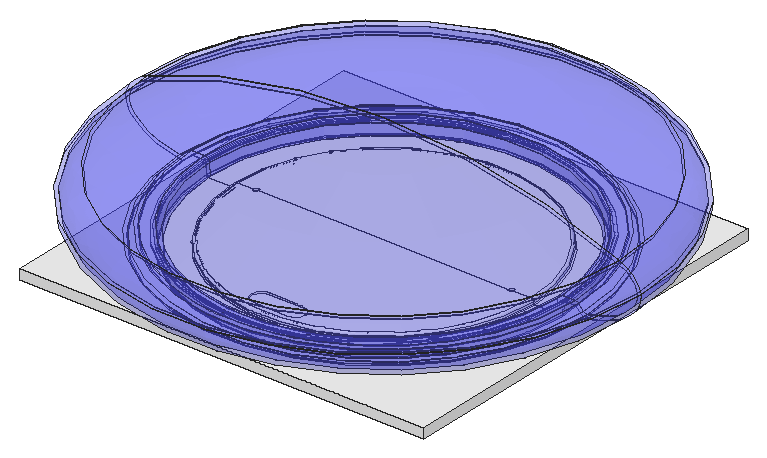
Revit family "BE_12164P_de_DE", category Leuchten, Revit 2020
Family settings
  Basisbauteil = Fläche
  Bemaßung runder Anschluss = Durchmesser verwenden
  Teiletyp = Normal
  Beim Laden mit Abzugskörper schneiden = Ja
  Lichtquelle = Ja
  Gemeinsam genutzt = Nein
  Raumberechnungspunkt = Ja
Parameters (values of type "BEGA_12164P_K3")
  built-in parameter 1150104 = 12.105 (stored number, unit not read)
  Wattage = 37.8 W
  Default Elevation = 0 mm
  built-in parameter 1150113 = 1 (stored number, unit not read)
  built-in parameter 1114218 = 1 (stored number, unit not read)
  Umgebungstemperatur = ""
  URL = "http://www.bega.de/de/produkt/12164P"
  Typenkommentare = "© 2022 BEGA. Wir behalten uns das Recht vor, technische Änderungen ohne vorherige Ankündigung vorzunehmen."  # constant formula
  built-in parameter 1150134 = 12
  built-in parameter 1150109 = 1 (stored number, unit not read)
  Strom = ""
  built-in parameter 1150110 = 1 (stored number, unit not read)
  Spannung = 239.996 V
  Sonderanfertigung = no
  Seriennummer [instance] = "Hier können Sie die eindeutige Seriennummer für das Facility Management eintragen."
  Schutzklasse = "I"
  Schutzart = "IP 20"
  Scheinlast = 0 VA
  Produktdatenblatt = "http://www.bega.de/download/Xrfa/db/12164P.db.de.pdf"
  Oberflächentemperatur = ""
  Neigungswinkel = 0.00°
  Model = "12164PK4"
  Material_17 = BEGA_Reflektor
  Material_15 = BEGA_Leuchtmedium_matt
  Material_14 = BEGA_Kunststoff_opal
  Material_11 = BEGA_Glas_opal
  Material_09 = BEGA_Glas_klar
  Material_06 = BEGA_Oberfläche_Edelstahl_gebürstet
  Material_05 = BEGA_Oberfläche_Aluminium Guss
  Material_03 = BEGA_Oberfläche_Weiss_matt
  Material_02 = BEGA_Oberfläche_Silber_matt
  Material_01 [instance] = BEGA_Oberfläche_Grafit_matt
  M_W = no
  M_G = no
  M_A = no
  Logo = 0
  built-in parameter 1114217 = 1 (stored number, unit not read)
  built-in parameter 1150139 = (empty or 0)
  built-in parameter 1150105 = 1379.4 (stored number, unit not read)
  built-in parameter 1150114 = 1 (stored number, unit not read)
  Lumens = 4925.34 lm
  built-in parameter 1150115 = 1 (stored number, unit not read)
  Leuchtenlichtstrom = "3866 lm"
  Leuchtenanzahl = ""
  Lebensdauerkriterien = "L70B50 @ 25 °C =  h"
  Lastklassifizierung = Beleuchtung
  built-in parameter 1150112 = 1 (stored number, unit not read)
  Lampenlichtstrom = "4925 lm"
  Lamp = "LED 37.8 W"
  LED_Modulbezeichnung = "LED-0531/940"
  built-in parameter 1150142 = (empty or 0)
  Hersteller = "BEGA"  # constant formula
  Halbstreuwinkel = ""
  Gewicht = "7.5 kg"
  Gebrauchslageneinschränkung [instance] = ""
  Frequenz = "0/50-60 Hz"
  Farbwiedergabeindex = "CRI > 90"
  Farbtemperaturverschiebung bei Dämpfen der Lampe = <Keine Auswahl>
  Farbtemperatur = "4000 K"
  Color Filter = 16777215
  built-in parameter 1150133 = 10 (stored number, unit not read)
  Energieeffizienzklasse = "LED A++ - A"
  built-in parameter 1150137 = (empty or 0)
  built-in parameter 1150132 = (empty or 0)
  ENEC = "ja"
  Dimmbar [instance] = "DALI"
  Photometric Web File = "BE_12164PK4.IES"
  CE_Konformität = "ja"
  Bestellnummer = "12164PK4"
  Beschreibung_Sonderanfertigung = "Hier können Sie Informationen zur Sonderanfertigung eintragen."
  Beschreibung = "Decken- und Wandleuchte"
  built-in parameter 1150106 = 13.794 (stored number, unit not read)
  Befestigungsbohrung = "Ø 5,5 mm"
  Befestigungsabstand = "253 mm"
  Ballwurfsicher = ""
  BEGA_Intern_aus = yes
  BEGA_Intern_an = yes
  BEGA_Intern_Konstruktion = yes
  BEGA_Intern = yes
  BEGA_IES = yes
  BEGA_Dummy = no
  Anschlussleitung = ""
  Anschlussleistung [instance] = "42.6 W"
  Anschlusskasten = ""
  built-in parameter 1150107 = 4000 (stored number, unit not read)
  built-in parameter 1150102 = (empty or 0)
  built-in parameter 1150138 = (empty or 0)
  Aktualisierung = "2019-07-05T04:00:16"
  Abstand_zur_angestrahlten_Fläche [instance] = ""
  AC/DC = "AC/DC"
Reference planes
  plane 1 "Mitte (Vorne/Hinten)": y = 0
  plane 2: z = 0
  plane 3 "Mitte (Links/Rechts)": x = 0
  plane 4 "Links": x = -255.06
  plane 5 "Rechts": x = 255.06
  plane 6 "Unten": y = -255.05
  plane 7 "Oben": y = 255.05
  plane 8 "Vorne": z = 116.312
  plane 9 "Hinten": z = 0
Forms (mm)
  Extrusion 1, solid, material "BEGA_Platte_Weiss"
    sketch origin (0, -1119.2, 0) x (1, 0, 0) y (0, 1, 0)
      loop
        line (-200, 1319.2) -> (-200, 919.2) -> (200, 919.2) -> (200, 1319.2) -> (-200, 1319.2)
    from 0 to -10
  Extrusion 2, solid, material "BEGA_Dummy_matt", visible <- "BEGA_Dummy"
    sketch origin (77.149, -76.023, 0) x (1, 0, 0) y (0, 1, 0)
      loop
        circle (-77.149, 76.023) r 255
    from 0 to 116.312
Dimensions and locks
  plane 1 "Mitte (Vorne/Hinten)" to Extrusion 1 = 200 mm
  aligned and locked: plane 2 to Extrusion 1
  aligned and locked: level to Extrusion 1
Nested families
  nested 1: "BE_12164P" at (0, 0, 0), type "BE_12164P"
Connectors
  electrical at (0, 0, 0), driven by "Lastklassifizierung", driven by "Spannung", driven by "Scheinlast"
    settings: index 1, voltage 239.996 V, apparent load 0 VA, apparent load phase1 0 VA, apparent load phase2 0 VA, apparent load phase3 0 VA, power factor 1, load classification "Beleuchtung", number of poles 1, system type 31, power factor state 1, is connector primary yes, connector utility no, sub classification motor no, connector description ""
Definition of nested family "BE_12164P"
  Parameters (values of type "BE_12164P")
    Default Elevation = 1 mm
    URL = "http://www.bega.de/de/produkt"
    Type Comments = "© 2015 BEGA. Wir behalten uns das Recht vor, technische Änderungen ohne vorherige Ankündigung vorzunehmen. "  # constant formula
    Type Image = (empty or 0)
    Neigungswinkel_um_Z2 = 0.00°
    Neigungswinkel_um_Z1 = 0.00°
    Neigungswinkel_um_Y2 = 0.00°
    Neigungswinkel_um_Y1 = 0.00°
    Neigungswinkel_um_X2 = 0.00°
    Neigungswinkel_um_X1 = 0.00°
    Material_17 = none
    Material_15 = none
    Material_14 = none
    Material_11 = none
    Material_09 = none
    Material_06 = none
    Material_05 = none
    Material_03 = none
    Material_02 = none
    Material_01 = none
    M_W = yes
    M_G = yes
    M_A = yes
    Länge_Platte = 700 mm  # constant formula
    Höhe_Platte = -10 mm  # constant formula
    Manufacturer = "BEGA"  # constant formula
    Drehwinkel_um_Z2 = 0.00°
    Drehwinkel_um_Z1 = 0.00°
    Breite_Platte = 700 mm  # constant formula
  Reference planes
    plane 1 "Mitte (Oben/Unten)": y = 0
    plane 2: z = 0
    plane 3 "Mitte (Links/Rechts)": x = 0
    plane 4: x = -255.06
    plane 5: z = 116.312
    plane 6: x = 255.06
    plane 7: y = -255.05
    plane 8: y = 255.05
  Forms (mm)
    Extrusion 1, solid, detail levels medium
      sketch origin (0, 0, 0) x (1, 0, 0) y (0, 1, 0)
        loop
          line (-350, 350) -> (-350, -350) -> (350, -350) -> (350, 350) -> (-350, 350)
      from 0 to -10 <- "Höhe_Platte"
    Revolve 2, solid, material <- "Material_03", detail levels medium+fine
      sketch origin (0, 0, 0) x (1, 0, 0) y (0, 0, 1)
        loop
          arc (-145.653, 7.75) -> (-147.216, 7.118) -> (-147.901, 5.578) r 2.25
          line (-147.901, 5.578) -> (-147.966, 3.766)
          arc (-147.966, 3.766) -> (-148.253, 3.048) -> (-148.966, 2.75) r 1
          line (-148.966, 2.75) -> (-174.562, 2.75)
          arc (-174.562, 2.75) -> (-175.235, 3.012) -> (-175.556, 3.658) r 1
          line (-175.556, 3.658) -> (-176.5, 14.446)
          arc (-176.5, 14.446) -> (-177.221, 15.909) -> (-178.741, 16.5) r 2.25
          line (-178.741, 16.5) -> (-180.75, 16.5) -> (-180.75, 15.25) -> (-178.739, 15.25)
          arc (-178.739, 15.25) -> (-178.065, 14.987) -> (-177.745, 14.337) r 1
          line (-177.745, 14.337) -> (-176.801, 3.545)
          arc (-176.801, 3.545) -> (-176.079, 2.09) -> (-174.565, 1.5) r 2.25
          line (-174.565, 1.5) -> (-148.966, 1.5)
          arc (-148.966, 1.5) -> (-147.403, 2.131) -> (-146.717, 3.671) r 2.25
          line (-146.717, 3.671) -> (-146.653, 5.536)
          arc (-146.653, 5.536) -> (-146.348, 6.219) -> (-145.654, 6.499) r 0.999
          line (-145.654, 6.499) -> (0, 6.499) -> (0, 7.75) -> (-145.653, 7.75)
        axis (0, 1.5) -> (0, 16.5)
      angle from 0 to 360
    Extrusion 3, void
      sketch origin (0, 0, 0) x (1, 0, 0) y (0, 1, 0)
        loop
          circle (126.5, 0) r 2.75
        loop
          line (17, -120) -> (-17, -120)
          arc (-17, -120) -> (-27, -130) -> (-17, -140) r 10
          line (-17, -140) -> (17, -140)
          arc (17, -140) -> (27, -130) -> (17, -120) r 10
        loop
          circle (-126.5, 0) r 2.75
      from 0 to 10
    Revolve 4, solid, material <- "Material_14", detail levels medium+fine
      sketch origin (0, 0, 0) x (1, 0, 0) y (0, 0, 1)
        loop
          spline (0, 116.312) -> (-20.589, 115.992) -> (-41.131, 115.032) -> (-61.577, 113.435) -> (-81.881, 111.204) -> (-101.995, 108.344) -> (-121.872, 104.863) -> (-141.468, 100.767) -> (-160.735, 96.068) -> (-179.63, 90.774) -> (-198.109, 84.9) -> (-216.129, 78.458) -> (-233.647, 71.463)
          spline (-233.647, 71.463) -> (-236.655, 70.097) -> (-239.479, 68.608) -> (-242.106, 67.004) -> (-244.521, 65.294) -> (-246.711, 63.487) -> (-248.665, 61.592) -> (-250.373, 59.619) -> (-251.826, 57.579) -> (-253.015, 55.483) -> (-253.935, 53.341) -> (-254.58, 51.165) -> (-254.948, 48.967)
          spline (-254.948, 48.967) -> (-254.928, 44.475) -> (-253.941, 40.012) -> (-251.999, 35.634) -> (-249.126, 31.395) -> (-245.358, 27.346) -> (-240.739, 23.537) -> (-235.328, 20.015) -> (-229.191, 16.824) -> (-222.403, 14.002) -> (-215.048, 11.585) -> (-207.215, 9.601) -> (-199.002, 8.076)
          arc (-199.002, 8.076) -> (-198.539, 8.114) -> (-198.142, 8.358) r 1
          line (-198.142, 8.358) -> (-190.293, 16.207)
          arc (-190.293, 16.207) -> (-189.969, 16.423) -> (-189.588, 16.5) r 1
          line (-189.588, 16.5) -> (-176.617, 16.5)
          arc (-176.617, 16.5) -> (-175.942, 16.237) -> (-175.62, 15.587) r 1
          line (-175.62, 15.587) -> (-174.65, 4.5) -> (-170.635, 4.5) -> (-171.634, 15.919)
          arc (-171.634, 15.919) -> (-173.232, 19.181) -> (-176.616, 20.5) r 5
          line (-176.616, 20.5) -> (-189.586, 20.5)
          arc (-189.586, 20.5) -> (-191.499, 20.119) -> (-193.121, 19.035) r 5
          line (-193.121, 19.035) -> (-198.049, 14.108)
          arc (-198.049, 14.108) -> (-199.671, 13.024) -> (-201.585, 12.643) r 5
          spline (-201.585, 12.643) -> (-209.152, 14.219) -> (-216.335, 16.204) -> (-223.038, 18.567) -> (-229.171, 21.275) -> (-234.654, 24.278) -> (-239.412, 27.519) -> (-243.378, 30.94) -> (-246.528, 34.473) -> (-248.848, 38.044) -> (-250.333, 41.591) -> (-251.029, 45.09) -> (-250.97, 48.555)
          spline (-250.97, 48.555) -> (-250.684, 50.263) -> (-250.175, 51.979) -> (-249.434, 53.701) -> (-248.453, 55.426) -> (-247.23, 57.144) -> (-245.761, 58.841) -> (-244.046, 60.503) -> (-242.093, 62.115) -> (-239.909, 63.661) -> (-237.505, 65.128) -> (-234.896, 66.504) -> (-232.095, 67.777)
          spline (-232.095, 67.777) -> (-214.7, 74.722) -> (-196.805, 81.118) -> (-178.452, 86.952) -> (-159.684, 92.208) -> (-140.546, 96.875) -> (-121.08, 100.942) -> (-101.333, 104.399) -> (-81.35, 107.239) -> (-61.178, 109.454) -> (-40.865, 111.041) -> (-20.456, 111.994) -> (0, 112.312)
          line (0, 112.312) -> (0, 116.312)
        axis (0, 116.312) -> (0, 4.5)
      angle from 0 to 360
    Revolve 5, solid, material <- "Material_03", detail levels medium+fine
      sketch origin (-78.441, 58.505, 0) x (0.819152, 0.573577, 0) y (0, 0, 1)
        loop
          arc (-108.84, 2.037) -> (-105.568, 0.52) -> (-102, 0) r 12.498
          line (-102, 0) -> (-102, 2.037) -> (-108.84, 2.037)
        axis (-102, 0) -> (-102, 2.037)
      angle from 0 to 360
    Revolve 6, solid, material <- "Material_03", detail levels medium+fine
      sketch origin (58.505, 78.441, 0) x (0.573577, -0.819152, 0) y (0, 0, 1)
        loop
          arc (-108.84, 2.037) -> (-105.568, 0.52) -> (-102, 0) r 12.498
          line (-102, 0) -> (-102, 2.037) -> (-108.84, 2.037)
        axis (-102, 0) -> (-102, 2.037)
      angle from 0 to 360
    Revolve 7, solid, material <- "Material_03", detail levels medium+fine
      sketch origin (-58.505, -78.441, 0) x (-0.573577, 0.819152, 0) y (0, 0, 1)
        loop
          arc (-108.84, 2.037) -> (-105.568, 0.52) -> (-102, 0) r 12.498
          line (-102, 0) -> (-102, 2.037) -> (-108.84, 2.037)
        axis (-102, 0) -> (-102, 2.037)
      angle from 0 to 360
    Revolve 8, solid, material <- "Material_03", detail levels medium+fine
      sketch origin (78.441, -58.505, 0) x (-0.819152, -0.573577, 0) y (0, 0, 1)
        loop
          arc (-108.84, 2.037) -> (-105.568, 0.52) -> (-102, 0) r 12.498
          line (-102, 0) -> (-102, 2.037) -> (-108.84, 2.037)
        axis (-102, 0) -> (-102, 2.037)
      angle from 0 to 360
  Cuts and joins
    Extrusion 3 cuts Revolve 2
    joined: Revolve 2, Revolve 5, Revolve 6, Revolve 7, Revolve 8
  Dimensions and locks
    equal spacing: Extrusion 1 sketch curve, plane 3 "Mitte (Links/Rechts)", Extrusion 1 sketch curve
    equal spacing: Extrusion 1 sketch curve, plane 1 "Mitte (Oben/Unten)", Extrusion 1 sketch curve
    "Länge_Platte": Extrusion 1 sketch curve to Extrusion 1 sketch curve
    "Breite_Platte": Extrusion 1 sketch curve to Extrusion 1 sketch curve
    aligned and locked: Extrusion 1 to plane 2
    aligned and locked: level to Extrusion 1
  Automatic sketch dimensions
    Revolve 5 sketch curve to Revolve 5 sketch curve = 6.839 mm
    Revolve 5 sketch curve to Revolve 5 sketch curve = 6.84 mm
    Revolve 5 sketch curve to Revolve 5 sketch curve = 0 mm
    Revolve 5 sketch curve to Revolve 5 sketch curve = 0.59 mm
    Revolve 5 sketch curve to Revolve 5 sketch curve = 1.463 mm
    Revolve 5 sketch curve to Revolve 5 sketch curve = 2.037 mm
    Revolve 2 sketch curve to Revolve 2 sketch curve = 0 mm  (x17)
    Revolve 2 sketch curve to plane 3 "Mitte (Links/Rechts)" = 0 mm  (x2)
    level to Revolve 2 sketch curve = 15.25 mm
    Revolve 2 sketch curve to Revolve 2 sketch curve = 2.011 mm
    Revolve 2 sketch curve to Revolve 2 sketch curve = 1 mm  (x2)
    Revolve 2 sketch curve to Revolve 2 sketch curve = 1.251 mm
    Revolve 2 sketch curve to Revolve 2 sketch curve = 0.002 mm  (x4)
    Revolve 2 sketch curve to Revolve 2 sketch curve = 0.996 mm  (x2)
    Revolve 2 sketch curve to Revolve 2 sketch curve = 0.109 mm
    Revolve 2 sketch curve to Revolve 2 sketch curve = 1.347 mm
    Revolve 2 sketch curve to Revolve 2 sketch curve = 1.25 mm  (x2)
    level to Revolve 2 sketch curve = 3.545 mm
    Revolve 2 sketch curve to Revolve 2 sketch curve = 0.944 mm
    Revolve 2 sketch curve to Revolve 2 sketch curve = 2.241 mm
    Revolve 2 sketch curve to Revolve 2 sketch curve = 0.205 mm
    level to Revolve 2 sketch curve = 14.337 mm
    level to Revolve 2 sketch curve = 14.446 mm
    level to Revolve 2 sketch curve = 3.658 mm
    Revolve 2 sketch curve to Revolve 2 sketch curve = 0.005 mm
    Revolve 2 sketch curve to Revolve 2 sketch curve = 25.597 mm
    level to Revolve 2 sketch curve = 3.75 mm
    level to Revolve 2 sketch curve = 5.578 mm
    Revolve 2 sketch curve to Revolve 2 sketch curve = 0.065 mm
    Revolve 2 sketch curve to Revolve 2 sketch curve = 1.249 mm
    level to Revolve 2 sketch curve = 5.536 mm
    Revolve 2 sketch curve to Revolve 2 sketch curve = 1.248 mm
    Revolve 2 sketch curve to Revolve 2 sketch curve = 0.999 mm
    Revolve 2 sketch curve to Revolve 2 sketch curve = 0.036 mm
    level to Revolve 2 sketch curve = 3.671 mm
    plane 1 "Mitte (Oben/Unten)" to Extrusion 3 sketch curve = 0 mm  (x2)
    Extrusion 3 sketch curve to plane 3 "Mitte (Links/Rechts)" = 17 mm
    plane 3 "Mitte (Links/Rechts)" to Extrusion 3 sketch curve = 17 mm
    Extrusion 3 sketch curve to Extrusion 3 sketch curve = 10 mm
    Revolve 6 sketch curve to Revolve 6 sketch curve = 6.839 mm
    Revolve 6 sketch curve to Revolve 6 sketch curve = 6.84 mm
    Revolve 6 sketch curve to Revolve 6 sketch curve = 0 mm
    Revolve 6 sketch curve to Revolve 6 sketch curve = 0.59 mm
    Revolve 6 sketch curve to Revolve 6 sketch curve = 1.463 mm
    Revolve 6 sketch curve to Revolve 6 sketch curve = 2.037 mm
    Revolve 7 sketch curve to Revolve 7 sketch curve = 6.839 mm
    Revolve 7 sketch curve to Revolve 7 sketch curve = 6.84 mm
    Revolve 7 sketch curve to Revolve 7 sketch curve = 0 mm
    Revolve 7 sketch curve to Revolve 7 sketch curve = 0.59 mm
    Revolve 7 sketch curve to Revolve 7 sketch curve = 1.463 mm
    Revolve 7 sketch curve to Revolve 7 sketch curve = 2.037 mm
    Revolve 8 sketch curve to Revolve 8 sketch curve = 6.839 mm
    Revolve 8 sketch curve to Revolve 8 sketch curve = 6.84 mm
    Revolve 8 sketch curve to Revolve 8 sketch curve = 0 mm
    Revolve 8 sketch curve to Revolve 8 sketch curve = 0.59 mm
    Revolve 8 sketch curve to Revolve 8 sketch curve = 1.463 mm
    Revolve 8 sketch curve to Revolve 8 sketch curve = 2.037 mm
    Revolve 5 sketch curve to level = 0 mm
    Revolve 6 sketch curve to level = 0 mm
    level to Revolve 7 sketch curve = 0 mm
    level to Revolve 8 sketch curve = 0 mm
    Revolve 4 sketch curve to Revolve 4 sketch curve = 2.735 mm
    Revolve 4 sketch curve to Revolve 4 sketch curve = 9.264 mm
    Revolve 4 sketch curve to plane 3 "Mitte (Links/Rechts)" = 0 mm  (x2)
    level to Revolve 4 sketch curve = 9.065 mm
    Revolve 4 sketch curve to Revolve 4 sketch curve = 6.435 mm
    Revolve 4 sketch curve to Revolve 4 sketch curve = 8.579 mm
    level to Revolve 4 sketch curve = 48.555 mm
    Revolve 4 sketch curve to Revolve 4 sketch curve = 19.221 mm
    Revolve 4 sketch curve to Revolve 4 sketch curve = 4 mm
    Revolve 4 sketch curve to Revolve 4 sketch curve = 3.979 mm
    Revolve 4 sketch curve to Revolve 4 sketch curve = 0.093 mm
    Revolve 4 sketch curve to Revolve 4 sketch curve = 0.019 mm
    Revolve 4 sketch curve to level = 161.143 mm
    Revolve 4 sketch curve to Revolve 4 sketch curve = 169.244 mm
    Revolve 4 sketch curve to Revolve 4 sketch curve = 3.549 mm
    Revolve 4 sketch curve to Revolve 4 sketch curve = 1.552 mm
    Revolve 4 sketch curve to Revolve 4 sketch curve = 2.736 mm
    Revolve 4 sketch curve to Revolve 4 sketch curve = 0.152 mm
    Revolve 4 sketch curve to Revolve 4 sketch curve = 0.859 mm
    Revolve 4 sketch curve to Revolve 4 sketch curve = 0 mm  (x13)
    Revolve 4 sketch curve to Revolve 4 sketch curve = 3.537 mm
    Revolve 4 sketch curve to Revolve 4 sketch curve = 3.536 mm  (x2)
    Revolve 4 sketch curve to Revolve 4 sketch curve = 0.707 mm  (x3)
    Revolve 4 sketch curve to Revolve 4 sketch curve = 12.969 mm
    Revolve 4 sketch curve to Revolve 4 sketch curve = 25.82 mm
    Revolve 4 sketch curve to plane 3 "Mitte (Links/Rechts)" = 0.001 mm
    Revolve 4 sketch curve to Revolve 4 sketch curve = 0.965 mm
    Revolve 4 sketch curve to Revolve 4 sketch curve = 3.579 mm
    Revolve 4 sketch curve to Revolve 4 sketch curve = 2.828 mm
    Revolve 4 sketch curve to Revolve 4 sketch curve = 1.774 mm
    Revolve 4 sketch curve to Revolve 4 sketch curve = 0.705 mm
    Revolve 4 sketch curve to Revolve 4 sketch curve = 0.293 mm
    Revolve 4 sketch curve to Revolve 4 sketch curve = 0.001 mm  (x3)
    Revolve 4 sketch curve to Revolve 4 sketch curve = 1 mm
    Revolve 4 sketch curve to Revolve 4 sketch curve = 0.996 mm
    Revolve 4 sketch curve to Revolve 4 sketch curve = 3.987 mm
    Revolve 4 sketch curve to Revolve 4 sketch curve = 0.332 mm
    level to Revolve 4 sketch curve = 15.587 mm
    Revolve 4 sketch curve to Revolve 4 sketch curve = 0.97 mm
    level to Revolve 4 sketch curve = 4.5 mm
    Revolve 4 sketch curve to Revolve 4 sketch curve = 4.015 mm
    Revolve 2 sketch curve to plane 3 "Mitte (Links/Rechts)" = 145.653 mm
    Extrusion 3 sketch curve to plane 3 "Mitte (Links/Rechts)" = 126.5 mm
    Revolve 4 sketch curve to plane 3 "Mitte (Links/Rechts)" = 170.635 mm
    Revolve 4 sketch curve to Revolve 4 sketch curve = 30.511 mm
    Revolve 4 sketch curve to Revolve 4 sketch curve = 18.874 mm
    Revolve 4 sketch curve to Revolve 4 sketch curve = 0.396 mm
    plane 3 "Mitte (Links/Rechts)" to Extrusion 3 sketch curve = 126.5 mm
    level to Revolve 4 sketch curve = 112.312 mm
    Revolve 4 sketch curve to Revolve 4 sketch curve = 35.711 mm
    Revolve 4 sketch curve to Revolve 4 sketch curve = 14.572 mm
    plane 1 "Mitte (Oben/Unten)" to Extrusion 3 sketch curve = 120 mm
    radius of Extrusion 3 sketch curve = 2.75 mm  (x2)
